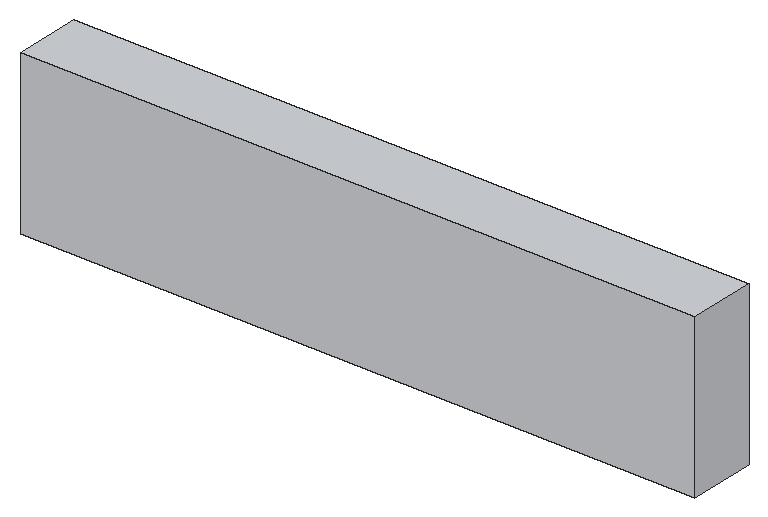
Revit family "Beam", category Structural Framing, Revit 2026
Family settings
  Section Shape = Not Defined
  Material for Model Behavior = Other
  Always export as geometry = No
  Always vertical = Yes
  Cut with Voids When Loaded = No
  Symbolic Representation = From Family
  Shared = No
  Show family pre-cut in plan views = Yes
Parameters
  Width = 250 mm
  Length [instance] = 3000 mm
  Height = 600 mm
Reference planes
  plane 1 "Center (Front/Back)": y = 0
  plane 2 "Center Elevation": z = 0
  plane 3 "Center (Left/Right)": x = 0
  plane 4 "Left": x = -1500
  plane 5 "Member Left": x = -1250
  plane 6 "Stick Symbol Left": x = -1000
  plane 7 "Right": x = 1500
  plane 8 "Member Right": x = 1250
  plane 9 "Stick Symbol Right": x = 1000
  plane 10: y = 125
  plane 11: y = -75
  plane 12: z = 0
  plane 13: z = -300
Forms (mm)
  Extrusion 1, solid, detail levels medium+fine
    sketch origin (0, 25, -150) x (0, 1, 0) y (0, 0, 1)
      loop
        line (100, 450) -> (-150, 450) -> (-150, -150) -> (100, -150) -> (100, 450)
    from -1250 to 1250
Dimensions and locks
  equal spacing: plane 4 "Left", plane 3 "Center (Left/Right)", plane 7 "Right"
  "Length": plane 4 "Left" to plane 7 "Right"
  "Height": Extrusion 1 to Extrusion 1
  "Width": Extrusion 1 to Extrusion 1
  plane 1 "Center (Front/Back)" to Extrusion 1 sketch curve = 125 mm
  aligned and locked: plane 10 to Extrusion 1 sketch curve
  aligned and locked: plane 13 to Extrusion 1 sketch curve
  aligned and locked: plane 5 "Member Left" to Extrusion 1
  aligned and locked: Extrusion 1 to plane 8 "Member Right"
  aligned and locked: level to plane 2 "Center Elevation"
Automatic sketch dimensions
  level to Extrusion 1 sketch curve = 300 mm
